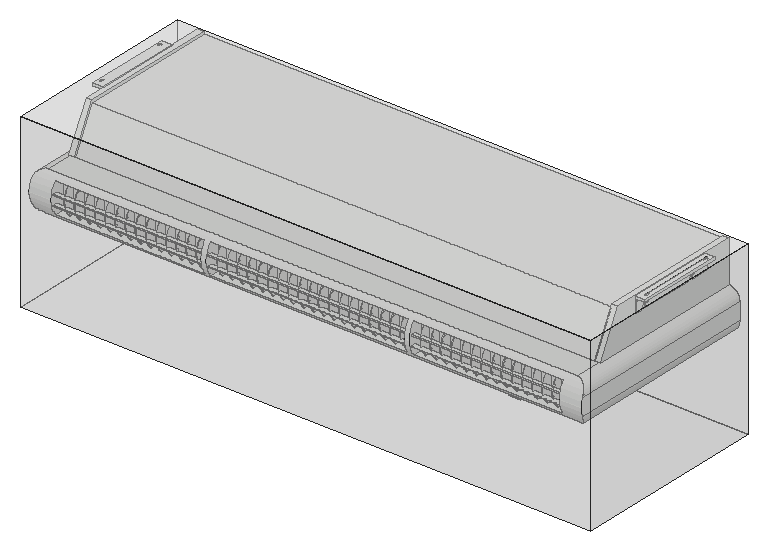
Revit family "outputfile", category 機械設備, Revit 2024
Family settings
  丸型コネクタ寸法 = 半径を使用
  パーツ タイプ = 標準
  OmniClass 番号 = 23.75.10.24.21.27.27
  OmniClass タイトル = Split System Air Conditioning Units
  作業面ベース = いいえ
  常に垂直 = はい
  ロード時にボイドで切り取り = いいえ
  注釈の向きを維持 = いいえ
  共有 = いいえ
  部屋計算ポイント = はい
Parameters (values of type "FHRN140AXL9")
  Description = ""
  製造元 = "Daikin"
  書き出し IFC クラス(タイプ) = "IfcUnitaryEquipmentType"
  定義済み IFC タイプ(タイプ) = "AIRCONDITIONINGUNIT"
  Cost = 0
  モデル = "FHRN140AXL9"
  Type Comments = ""
  Keynote = ""
  Type Image = (empty or 0)
  Assembly Code = ""
  switch_frequency = yes
  r_Liquid Pipe Size = Liquid Pipe Size / 2  # 4.75 mm
  r_Gas Pipe Size = Gas Pipe Size / 2  # 9.55 mm
  r_Drain Pipe Size = Drain Pipe Size / 2  # 9.55 mm
  l_powersupply [instance] = 30.0 mm  # constant formula
  h_mountinghole = 0.0 mm  # constant formula
  connector_voltage = 220 V
  connector_powerinput = [Power Input (Cooling)]  # 6.240 kW
  connector_phase = 1
  angle_vertical_powersupply [instance] = 90.00°  # constant formula
  angle_vertical_drainpipe [instance] = -90.00°  # constant formula
  angle_horizontal_powersupply [instance] = 180.00°  # constant formula
  angle_horizontal_drainpipe [instance] = 0.00°  # constant formula
  Voltage_comment_60Hz = "220"
  Voltage_60Hz = 220 V
  URL = ""
  Phase_60Hz = 1
  Minimum Circuit Amps_60Hz = 0.0 A
  Maximum Fuse Amps_60Hz = 0.0 A
  Material_Casing = DAIKIN_White_Casing_indoorunit
  lw_powersupply [instance] = 220.0 mm  # constant formula
  lw_mountinghole_pitch = 1880.0 mm  # constant formula
  lw_mountinghole = (Width - lw_mountinghole_pitch) / 2  # 11.5 mm
  lw_liquidpipe [instance] = 136.0 mm  # constant formula
  lw_gaspipe = 105.0 mm  # constant formula
  lw_drainpipe [instance] = 83.0 mm  # constant formula
  lh_powersupply = 195.0 mm  # constant formula
  lh_liquidpipe [instance] = 180.0 mm  # constant formula
  lh_gaspipe [instance] = 170.0 mm  # constant formula
  lh_drainpipe = 217.0 mm  # constant formula
  l_antena = h_mountinghole + 1.0 mm  # 1.0 mm
  ld_powersupply = 30.0 mm  # constant formula
  ld_mountinghole_pitch = 250.0 mm  # constant formula
  ld_mountinghole = 132.0 mm  # constant formula
  ld_liquidpipe [instance] = 221.0 mm  # constant formula
  ld_gaspipe [instance] = 214.0 mm  # constant formula
  ld_drainpipe [instance] = 268.0 mm  # constant formula
  l_liquidpipe_length [instance] = 221.0 mm  # constant formula
  l_gaspipe_length [instance] = 214.0 mm  # constant formula
  l_drainpipe_length [instance] = 268.0 mm  # constant formula
  h*** = 0.0 mm  # constant formula
  angle_vertical [instance] = -90.00°  # constant formula
  angle_horizontal [instance] = 0.00°  # constant formula
  Width = 1903.0 mm
  Version = "ver.1.0"
  Unit Type = "Ceiling"
  Unit Mass Weight = 70.00 kg
  Unit Designation [instance] = ""
  Uniclass2015Version = "Products v1.30"
  Uniclass2015Title = "Split coil room air conditioning units"
  Uniclass2015Code = "Pr_70_65_03_86"
  Total Cooling Capacity [instance] = 0.000 kW
  Sound Pressure Level_M speed (dBA) = 54
  Sound Pressure Level_L speed (dBA) = 51
  Sound Pressure Level_H speed (dBA) = 56
  Series = "SkyAir_Fan Coil Unit"
  Sensible Cooling Capacity [instance] = 0.000 kW
  Refrigerant Type = "R410A"
  Power Input (Cooling) = 6.240 kW
  Option Accessory 3 [instance] = ""
  Option Accessory 2 [instance] = ""
  Option Accessory 1 [instance] = ""
  Nominal Cooling Capacity = 16.410 kW
  Minimum Airflow = 1699.00 m³/h
  Median Airflow = 2345.00 m³/h
  Maximum Airflow = 2633.00 m³/h
  Load Classification = HVAC
  Liquid Pipe Size = 9.5 mm
  Link_Nested Family [instance] = ""
  IfcVersion = ""
  IfcExportType = "AIRCONDITIONINGUNIT"
  IfcExportAs = "IfcUnitaryEquipmentType"
  Height = 285.0 mm
  Heat Exchanger Type = "Cross Fin Coil"
  Gas Pipe Size = 19.1 mm
  Frequency_60Hz = 60 Hz
  Fan Type = "Sirocco Fan"
  Fan Drive = "-"
  FCU Tag No. [instance] = ""
  Drain Pipe Size = 19.1 mm
  Design Supply Airflow [instance] = 0.00 m³/h
  Design Outdoor Airflow [instance] = 0.00 m³/h
  Depth = 680.0 mm
  既定の高さ = 0.0 mm
  Cooling Entering Wet Bulb Temperature [instance] = 0.00 °C
  Cooling Entering Dry Bulb Temperature [instance] = 0.00 °C
  Cooling Ambient Wet Bulb Temperature [instance] = 0.00 °C
  Cooling Ambient Dry Bulb Temperature [instance] = 0.00 °C
  Clearance visibility [instance] = yes
  Clearance Top = 5.0 mm
  Clearance Right = 30.0 mm
  Clearance Rear = 0.0 mm
  Clearance Left = 30.0 mm
  Clearance Front = 0.0 mm
  Clearance Bottom = 300.0 mm
Reference planes
  plane 1 "Center (Front/Back)": y = 0
  plane 2: z = 0
  plane 3 "Center (Left/Right)": x = 0
  plane 4 "Back": y = 340
  plane 5 "Front": y = -340
  plane 6 "Left": x = -951.5
  plane 7 "Right": x = 951.5
  plane 8 "Top": z = 0
  plane 9 "Bottom": z = -285
  plane 10: y = -340
  plane 11: x = -981.5
  plane 12: x = 981.5
  plane 13: z = 5
  plane 14: z = -585
  plane 15: y = 340
  plane 16 "lw_mountinghole": x = -940
  plane 17 "lw_mountinghole2": x = 940
  plane 18 "ld_mountinghole": y = 208
  plane 19 "ld_mountinghole2": y = -42
  plane 20 "lw_gaspipe": x = 846.5
  plane 21 "ld_gaspipe": y = 126
  plane 22 "lh_gaspipe": z = -170
  plane 23 "lw_liquidpipe": x = 815.5
  plane 24 "ld_liquidpipe": y = 119
  plane 25 "lh_liquidpipe": z = -180
  plane 26 "ld_drainpipe": y = 72
  plane 27 "lw_drainpipe": x = 868.5
  plane 28 "lh_drainpipe": z = -217
  plane 29 "lw_powersupply": x = 731.5
  plane 30 "lh_powersupply": z = -195
  plane 31 "ld_powersupply": y = 310
  plane 32: x = -915
  plane 33: x = 915
  plane 34: x = -895
  plane 35: x = 895
  plane 36 "J": z = -145
Forms (mm)
  Extrusion 1, solid, material "DAIKIN_White_Casing_indoorunit" <- "Material_Casing"
    sketch origin (951.5, 0, 0) x (0, 1, 0) y (0, 0, 1)
      loop
        line (340, -145) -> (340, 0) -> (-138.5, 0) -> (-212.722, -145) -> (340, -145)
    from -56.5 to -36.5
  Extrusion 2, solid, material "DAIKIN_White_Casing_indoorunit" <- "Material_Casing"
    sketch origin (-951.5, 0, 0) x (0, 1, 0) y (0, 0, 1)
      loop
        line (-138.5, 0) -> (-212.722, -145) -> (340, -145) -> (340, 0) -> (-138.5, 0)
    from 36.5 to 56.5
  Extrusion 3, solid, material "DAIKIN_White_Casing_indoorunit" <- "Material_Casing"
    sketch origin (0, 0, 0) x (0, 1, 0) y (0, 0, 1)
      loop
        line (-141.472, -8) -> (-211.599, -145) -> (340, -145) -> (340, -8) -> (-141.472, -8)
    from -895 to 895
  Extrusion 4, solid, material "DAIKIN_White_Casing_indoorunit" <- "Material_Casing"
    sketch origin (0, 0, 0) x (1, 0, 0) y (0, 0, 1)
      loop
        arc (-911, -145) -> (-939.284, -156.716) -> (-951, -185) r 40
        line (-951, -185) -> (-951, -245)
        arc (-951, -245) -> (-939.284, -273.284) -> (-911, -285) r 40
        line (-911, -285) -> (911, -285)
        arc (911, -285) -> (939.284, -273.284) -> (951, -245) r 40
        line (951, -245) -> (951, -185)
        arc (951, -185) -> (939.284, -156.716) -> (911, -145) r 40
        line (911, -145) -> (-911, -145)
    from -340 to 340
  Extrusion 5, void
    sketch origin (0, 0, 0) x (0, 1, 0) y (0, 0, 1)
      loop
        line (-304.008, -145) -> (-350, -145) -> (-350, -285) -> (-304, -285)
        arc (-304, -285) -> (-340, -215.002) -> (-304.008, -145) r 86.061
    from -951.5 to 951.5
  Extrusion 6, void
    sketch origin (0, -340, 0) x (1, 0, 0) y (0, 0, 1)
      loop
        line (-875, -162.5) -> (-875, -267.5) -> (-359, -267.5) -> (-359, -162.5) -> (-875, -162.5)
      loop
        line (-341, -162.5) -> (-341, -267.5) -> (341, -267.5) -> (341, -162.5) -> (-341, -162.5)
      loop
        line (359, -162.5) -> (359, -267.5) -> (875, -267.5) -> (875, -162.5) -> (359, -162.5)
    from 0 to -50
  Extrusion 7, solid, material "DAIKIN_White_Casing_indoorunit" <- "Material_Casing"
    sketch origin (0, 0, 0) x (0, 1, 0) y (0, 0, 1)
      loop
        line (-335.938, -233.5) -> (-320, -233.5) -> (-320, -231.5) -> (-336.364, -231.5)
        arc (-336.364, -231.5) -> (-336.157, -232.501) -> (-335.938, -233.5) r 84.061
      loop
        arc (-335.94, -196.5) -> (-336.159, -197.499) -> (-336.365, -198.5) r 84.061
        line (-336.365, -198.5) -> (-320, -198.5) -> (-320, -196.5) -> (-335.94, -196.5)
    from -875 to 875
  Extrusion 8, solid, material "DAIKIN_White_Casing_indoorunit" <- "Material_Casing"
    sketch origin (875, -340, -162.5) x (0, 0, -1) y (0, -1, 0)
      loop
        arc (105, -38.174) -> (52.501, -15) -> (0, -38.168) r 71.061
        line (0, -38.168) -> (0, -50) -> (105, -50) -> (105, -38.174)
    from 34 to 36
  Extrusion 9, solid, material "DAIKIN_White_Casing_indoorunit" <- "Material_Casing"
    sketch origin (839, -340, -162.5) x (0, 0, -1) y (0, -1, 0)
      loop
        line (0, -38.168) -> (0, -50) -> (105, -50) -> (105, -38.174)
        arc (105, -38.174) -> (52.501, -15) -> (0, -38.168) r 71.061
    from 33 to 35
  Extrusion 10, solid, material "DAIKIN_White_Casing_indoorunit" <- "Material_Casing"
    sketch origin (804, -340, -162.5) x (0, 0, -1) y (0, -1, 0)
      loop
        line (0, -38.168) -> (0, -50) -> (105, -50) -> (105, -38.174)
        arc (105, -38.174) -> (52.501, -15) -> (0, -38.168) r 71.061
    from 33 to 35
  Extrusion 11, solid, material "DAIKIN_White_Casing_indoorunit" <- "Material_Casing"
    sketch origin (769, -340, -162.5) x (0, 0, -1) y (0, -1, 0)
      loop
        line (0, -38.168) -> (0, -50) -> (105, -50) -> (105, -38.174)
        arc (105, -38.174) -> (52.501, -15) -> (0, -38.168) r 71.061
    from 33 to 35
  Extrusion 12, solid, material "DAIKIN_White_Casing_indoorunit" <- "Material_Casing"
    sketch origin (734, -340, -162.5) x (0, 0, -1) y (0, -1, 0)
      loop
        line (0, -38.168) -> (0, -50) -> (105, -50) -> (105, -38.174)
        arc (105, -38.174) -> (52.501, -15) -> (0, -38.168) r 71.061
    from 33 to 35
  Extrusion 13, solid, material "DAIKIN_White_Casing_indoorunit" <- "Material_Casing"
    sketch origin (699, -340, -162.5) x (0, 0, -1) y (0, -1, 0)
      loop
        line (0, -38.168) -> (0, -50) -> (105, -50) -> (105, -38.174)
        arc (105, -38.174) -> (52.501, -15) -> (0, -38.168) r 71.061
    from 33 to 35
  Extrusion 14, solid, material "DAIKIN_White_Casing_indoorunit" <- "Material_Casing"
    sketch origin (664, -340, -162.5) x (0, 0, -1) y (0, -1, 0)
      loop
        line (0, -38.168) -> (0, -50) -> (105, -50) -> (105, -38.174)
        arc (105, -38.174) -> (52.501, -15) -> (0, -38.168) r 71.061
    from 33 to 35
  Extrusion 15, solid, material "DAIKIN_White_Casing_indoorunit" <- "Material_Casing"
    sketch origin (629, -340, -162.5) x (0, 0, -1) y (0, -1, 0)
      loop
        line (0, -38.168) -> (0, -50) -> (105, -50) -> (105, -38.174)
        arc (105, -38.174) -> (52.501, -15) -> (0, -38.168) r 71.061
    from 33 to 35
  Extrusion 16, solid, material "DAIKIN_White_Casing_indoorunit" <- "Material_Casing"
    sketch origin (594, -340, -162.5) x (0, 0, -1) y (0, -1, 0)
      loop
        line (0, -38.168) -> (0, -50) -> (105, -50) -> (105, -38.174)
        arc (105, -38.174) -> (52.501, -15) -> (0, -38.168) r 71.061
    from 33 to 35
  Extrusion 17, solid, material "DAIKIN_White_Casing_indoorunit" <- "Material_Casing"
    sketch origin (559, -340, -162.5) x (0, 0, -1) y (0, -1, 0)
      loop
        line (0, -38.168) -> (0, -50) -> (105, -50) -> (105, -38.174)
        arc (105, -38.174) -> (52.501, -15) -> (0, -38.168) r 71.061
    from 33 to 35
  Extrusion 18, solid, material "DAIKIN_White_Casing_indoorunit" <- "Material_Casing"
    sketch origin (524, -340, -162.5) x (0, 0, -1) y (0, -1, 0)
      loop
        line (0, -38.168) -> (0, -50) -> (105, -50) -> (105, -38.174)
        arc (105, -38.174) -> (52.501, -15) -> (0, -38.168) r 71.061
    from 33 to 35
  Extrusion 19, solid, material "DAIKIN_White_Casing_indoorunit" <- "Material_Casing"
    sketch origin (489, -340, -162.5) x (0, 0, -1) y (0, -1, 0)
      loop
        line (0, -38.168) -> (0, -50) -> (105, -50) -> (105, -38.174)
        arc (105, -38.174) -> (52.501, -15) -> (0, -38.168) r 71.061
    from 33 to 35
  Extrusion 20, solid, material "DAIKIN_White_Casing_indoorunit" <- "Material_Casing"
    sketch origin (454, -340, -162.5) x (0, 0, -1) y (0, -1, 0)
      loop
        line (0, -38.168) -> (0, -50) -> (105, -50) -> (105, -38.174)
        arc (105, -38.174) -> (52.501, -15) -> (0, -38.168) r 71.061
    from 33 to 35
  Extrusion 21, solid, material "DAIKIN_White_Casing_indoorunit" <- "Material_Casing"
    sketch origin (419, -340, -162.5) x (0, 0, -1) y (0, -1, 0)
      loop
        line (0, -38.168) -> (0, -50) -> (105, -50) -> (105, -38.174)
        arc (105, -38.174) -> (52.501, -15) -> (0, -38.168) r 71.061
    from 33 to 35
  Extrusion 22, solid, material "DAIKIN_White_Casing_indoorunit" <- "Material_Casing"
    sketch origin (384, -340, -162.5) x (0, 0, -1) y (0, -1, 0)
      loop
        line (0, -38.168) -> (0, -50) -> (105, -50) -> (105, -38.174)
        arc (105, -38.174) -> (52.501, -15) -> (0, -38.168) r 71.061
    from 33 to 35
  Extrusion 23, solid, material "DAIKIN_White_Casing_indoorunit" <- "Material_Casing"
    sketch origin (349, -340, -162.5) x (0, 0, -1) y (0, -1, 0)
      loop
        line (105, -50) -> (105, -38.174)
        arc (105, -38.174) -> (52.501, -15) -> (0, -38.168) r 71.061
        line (0, -38.168) -> (0, -50) -> (105, -50)
    from 33 to 35
  Extrusion 24, solid, material "DAIKIN_White_Casing_indoorunit" <- "Material_Casing"
    sketch origin (314, -340, -162.5) x (0, 0, -1) y (0, -1, 0)
      loop
        line (0, -38.168) -> (0, -50) -> (105, -50) -> (105, -38.174)
        arc (105, -38.174) -> (52.501, -15) -> (0, -38.168) r 71.061
    from 33 to 35
  Extrusion 25, solid, material "DAIKIN_White_Casing_indoorunit" <- "Material_Casing"
    sketch origin (279, -340, -162.5) x (0, 0, -1) y (0, -1, 0)
      loop
        line (0, -38.168) -> (0, -50) -> (105, -50) -> (105, -38.174)
        arc (105, -38.174) -> (52.501, -15) -> (0, -38.168) r 71.061
    from 33 to 35
  Extrusion 26, solid, material "DAIKIN_White_Casing_indoorunit" <- "Material_Casing"
    sketch origin (244, -340, -162.5) x (0, 0, -1) y (0, -1, 0)
      loop
        line (0, -38.168) -> (0, -50) -> (105, -50) -> (105, -38.174)
        arc (105, -38.174) -> (52.501, -15) -> (0, -38.168) r 71.061
    from 33 to 35
  Extrusion 27, solid, material "DAIKIN_White_Casing_indoorunit" <- "Material_Casing"
    sketch origin (209, -340, -162.5) x (0, 0, -1) y (0, -1, 0)
      loop
        line (0, -38.168) -> (0, -50) -> (105, -50) -> (105, -38.174)
        arc (105, -38.174) -> (52.501, -15) -> (0, -38.168) r 71.061
    from 33 to 35
  Extrusion 28, solid, material "DAIKIN_White_Casing_indoorunit" <- "Material_Casing"
    sketch origin (174, -340, -162.5) x (0, 0, -1) y (0, -1, 0)
      loop
        line (0, -38.168) -> (0, -50) -> (105, -50) -> (105, -38.174)
        arc (105, -38.174) -> (52.501, -15) -> (0, -38.168) r 71.061
    from 33 to 35
  Extrusion 29, solid, material "DAIKIN_White_Casing_indoorunit" <- "Material_Casing"
    sketch origin (139, -340, -162.5) x (0, 0, -1) y (0, -1, 0)
      loop
        line (105, -50) -> (105, -38.174)
        arc (105, -38.174) -> (52.501, -15) -> (0, -38.168) r 71.061
        line (0, -38.168) -> (0, -50) -> (105, -50)
    from 33 to 35
  Extrusion 30, solid, material "DAIKIN_White_Casing_indoorunit" <- "Material_Casing"
    sketch origin (104, -340, -162.5) x (0, 0, -1) y (0, -1, 0)
      loop
        line (0, -38.168) -> (0, -50) -> (105, -50) -> (105, -38.174)
        arc (105, -38.174) -> (52.501, -15) -> (0, -38.168) r 71.061
    from 33 to 35
  Extrusion 31, solid, material "DAIKIN_White_Casing_indoorunit" <- "Material_Casing"
    sketch origin (69, -340, -162.5) x (0, 0, -1) y (0, -1, 0)
      loop
        line (105, -50) -> (105, -38.174)
        arc (105, -38.174) -> (52.501, -15) -> (0, -38.168) r 71.061
        line (0, -38.168) -> (0, -50) -> (105, -50)
    from 33 to 35
  Extrusion 32, solid, material "DAIKIN_White_Casing_indoorunit" <- "Material_Casing"
    sketch origin (34, -340, -162.5) x (0, 0, -1) y (0, -1, 0)
      loop
        line (105, -50) -> (105, -38.174)
        arc (105, -38.174) -> (52.501, -15) -> (0, -38.168) r 71.061
        line (0, -38.168) -> (0, -50) -> (105, -50)
    from 33 to 35
  Extrusion 33, solid, material "DAIKIN_White_Casing_indoorunit" <- "Material_Casing"
    sketch origin (-1, -340, -162.5) x (0, 0, -1) y (0, -1, 0)
      loop
        line (105, -50) -> (105, -38.174)
        arc (105, -38.174) -> (52.501, -15) -> (0, -38.168) r 71.061
        line (0, -38.168) -> (0, -50) -> (105, -50)
    from 33 to 35
  Extrusion 34, solid, material "DAIKIN_White_Casing_indoorunit" <- "Material_Casing"
    sketch origin (-36, -340, -162.5) x (0, 0, -1) y (0, -1, 0)
      loop
        line (105, -50) -> (105, -38.174)
        arc (105, -38.174) -> (52.501, -15) -> (0, -38.168) r 71.061
        line (0, -38.168) -> (0, -50) -> (105, -50)
    from 33 to 35
  Extrusion 35, solid, material "DAIKIN_White_Casing_indoorunit" <- "Material_Casing"
    sketch origin (-71, -340, -162.5) x (0, 0, -1) y (0, -1, 0)
      loop
        line (0, -38.168) -> (0, -50) -> (105, -50) -> (105, -38.174)
        arc (105, -38.174) -> (52.501, -15) -> (0, -38.168) r 71.061
    from 33 to 35
  Extrusion 36, solid, material "DAIKIN_White_Casing_indoorunit" <- "Material_Casing"
    sketch origin (-106, -340, -162.5) x (0, 0, -1) y (0, -1, 0)
      loop
        line (105, -50) -> (105, -38.174)
        arc (105, -38.174) -> (52.501, -15) -> (0, -38.168) r 71.061
        line (0, -38.168) -> (0, -50) -> (105, -50)
    from 33 to 35
  Extrusion 37, solid, material "DAIKIN_White_Casing_indoorunit" <- "Material_Casing"
    sketch origin (-141, -340, -162.5) x (0, 0, -1) y (0, -1, 0)
      loop
        line (0, -38.168) -> (0, -50) -> (105, -50) -> (105, -38.174)
        arc (105, -38.174) -> (52.501, -15) -> (0, -38.168) r 71.061
    from 33 to 35
  Extrusion 38, solid, material "DAIKIN_White_Casing_indoorunit" <- "Material_Casing"
    sketch origin (-176, -340, -162.5) x (0, 0, -1) y (0, -1, 0)
      loop
        line (105, -50) -> (105, -38.174)
        arc (105, -38.174) -> (52.501, -15) -> (0, -38.168) r 71.061
        line (0, -38.168) -> (0, -50) -> (105, -50)
    from 33 to 35
  Extrusion 39, solid, material "DAIKIN_White_Casing_indoorunit" <- "Material_Casing"
    sketch origin (-211, -340, -162.5) x (0, 0, -1) y (0, -1, 0)
      loop
        line (105, -50) -> (105, -38.174)
        arc (105, -38.174) -> (52.501, -15) -> (0, -38.168) r 71.061
        line (0, -38.168) -> (0, -50) -> (105, -50)
    from 33 to 35
  Extrusion 40, solid, material "DAIKIN_White_Casing_indoorunit" <- "Material_Casing"
    sketch origin (-246, -340, -162.5) x (0, 0, -1) y (0, -1, 0)
      loop
        line (105, -50) -> (105, -38.174)
        arc (105, -38.174) -> (52.501, -15) -> (0, -38.168) r 71.061
        line (0, -38.168) -> (0, -50) -> (105, -50)
    from 33 to 35
  Extrusion 41, solid, material "DAIKIN_White_Casing_indoorunit" <- "Material_Casing"
    sketch origin (-419, -340, -267.5) x (0, 0, 1) y (0, -1, 0)
      loop
        arc (105, -38.168) -> (52.499, -15) -> (0, -38.174) r 71.061
        line (0, -38.174) -> (0, -50) -> (105, -50) -> (105, -38.168)
    from 33 to 35
  Extrusion 42, solid, material "DAIKIN_White_Casing_indoorunit" <- "Material_Casing"
    sketch origin (-454, -340, -267.5) x (0, 0, 1) y (0, -1, 0)
      loop
        line (0, -50) -> (105, -50) -> (105, -38.168)
        arc (105, -38.168) -> (52.499, -15) -> (0, -38.174) r 71.061
        line (0, -38.174) -> (0, -50)
    from 33 to 35
  Extrusion 43, solid, material "DAIKIN_White_Casing_indoorunit" <- "Material_Casing"
    sketch origin (-489, -340, -267.5) x (0, 0, 1) y (0, -1, 0)
      loop
        arc (105, -38.168) -> (52.499, -15) -> (0, -38.174) r 71.061
        line (0, -38.174) -> (0, -50) -> (105, -50) -> (105, -38.168)
    from 33 to 35
  Extrusion 44, solid, material "DAIKIN_White_Casing_indoorunit" <- "Material_Casing"
    sketch origin (-524, -340, -267.5) x (0, 0, 1) y (0, -1, 0)
      loop
        arc (105, -38.168) -> (52.499, -15) -> (0, -38.174) r 71.061
        line (0, -38.174) -> (0, -50) -> (105, -50) -> (105, -38.168)
    from 33 to 35
  Extrusion 45, solid, material "DAIKIN_White_Casing_indoorunit" <- "Material_Casing"
    sketch origin (-559, -340, -267.5) x (0, 0, 1) y (0, -1, 0)
      loop
        line (0, -50) -> (105, -50) -> (105, -38.168)
        arc (105, -38.168) -> (52.499, -15) -> (0, -38.174) r 71.061
        line (0, -38.174) -> (0, -50)
    from 33 to 35
  Extrusion 46, solid, material "DAIKIN_White_Casing_indoorunit" <- "Material_Casing"
    sketch origin (-594, -340, -267.5) x (0, 0, 1) y (0, -1, 0)
      loop
        line (0, -50) -> (105, -50) -> (105, -38.168)
        arc (105, -38.168) -> (52.499, -15) -> (0, -38.174) r 71.061
        line (0, -38.174) -> (0, -50)
    from 33 to 35
  Extrusion 47, solid, material "DAIKIN_White_Casing_indoorunit" <- "Material_Casing"
    sketch origin (-629, -340, -267.5) x (0, 0, 1) y (0, -1, 0)
      loop
        arc (105, -38.168) -> (52.499, -15) -> (0, -38.174) r 71.061
        line (0, -38.174) -> (0, -50) -> (105, -50) -> (105, -38.168)
    from 33 to 35
  Extrusion 48, solid, material "DAIKIN_White_Casing_indoorunit" <- "Material_Casing"
    sketch origin (-664, -340, -267.5) x (0, 0, 1) y (0, -1, 0)
      loop
        arc (105, -38.168) -> (52.499, -15) -> (0, -38.174) r 71.061
        line (0, -38.174) -> (0, -50) -> (105, -50) -> (105, -38.168)
    from 33 to 35
  Extrusion 49, solid, material "DAIKIN_White_Casing_indoorunit" <- "Material_Casing"
    sketch origin (-699, -340, -267.5) x (0, 0, 1) y (0, -1, 0)
      loop
        arc (105, -38.168) -> (52.499, -15) -> (0, -38.174) r 71.061
        line (0, -38.174) -> (0, -50) -> (105, -50) -> (105, -38.168)
    from 33 to 35
  Extrusion 50, solid, material "DAIKIN_White_Casing_indoorunit" <- "Material_Casing"
    sketch origin (-734, -340, -267.5) x (0, 0, 1) y (0, -1, 0)
      loop
        arc (105, -38.168) -> (52.499, -15) -> (0, -38.174) r 71.061
        line (0, -38.174) -> (0, -50) -> (105, -50) -> (105, -38.168)
    from 33 to 35
  Extrusion 51, solid, material "DAIKIN_White_Casing_indoorunit" <- "Material_Casing"
    sketch origin (-769, -340, -267.5) x (0, 0, 1) y (0, -1, 0)
      loop
        arc (105, -38.168) -> (52.499, -15) -> (0, -38.174) r 71.061
        line (0, -38.174) -> (0, -50) -> (105, -50) -> (105, -38.168)
    from 33 to 35
  Extrusion 52, solid, material "DAIKIN_White_Casing_indoorunit" <- "Material_Casing"
    sketch origin (-804, -340, -267.5) x (0, 0, 1) y (0, -1, 0)
      loop
        arc (105, -38.168) -> (52.499, -15) -> (0, -38.174) r 71.061
        line (0, -38.174) -> (0, -50) -> (105, -50) -> (105, -38.168)
    from 33 to 35
  Extrusion 53, solid, material "DAIKIN_White_Casing_indoorunit" <- "Material_Casing"
    sketch origin (-839, -340, -267.5) x (0, 0, 1) y (0, -1, 0)
      loop
        arc (105, -38.168) -> (52.499, -15) -> (0, -38.174) r 71.061
        line (0, -38.174) -> (0, -50) -> (105, -50) -> (105, -38.168)
    from 33 to 35
  Extrusion 54, solid, material "DAIKIN_White_Casing_indoorunit" <- "Material_Casing"
    sketch origin (-875, -340, -267.5) x (0, 0, 1) y (0, -1, 0)
      loop
        arc (105, -38.168) -> (52.499, -15) -> (0, -38.174) r 71.061
        line (0, -38.174) -> (0, -50) -> (105, -50) -> (105, -38.168)
    from 34 to 36
  Extrusion 55, solid, material "DAIKIN_White_Casing_indoorunit" <- "Material_Casing"
    sketch origin (-281, -340, -162.5) x (0, 0, -1) y (0, -1, 0)
      loop
        line (0, -38.168) -> (0, -50) -> (105, -50) -> (105, -38.174)
        arc (105, -38.174) -> (52.501, -15) -> (0, -38.168) r 71.061
    from 33 to 35
  Extrusion 56, void
    sketch origin (0, 0, -285) x (-1, 0, 0) y (0, -1, 0)
      loop
        line (915, -317.5) -> (915, -48) -> (355, -48) -> (355, -317.5) -> (915, -317.5)
      loop
        line (345, -317.5) -> (345, -48) -> (-345, -48) -> (-345, -317.5) -> (345, -317.5)
      loop
        line (-355, -317.5) -> (-355, -48) -> (-915, -48) -> (-915, -317.5) -> (-355, -317.5)
    from 0 to 17.5
  Extrusion 57, solid, material "DAIKIN_White_Grille_indoorunit"
    sketch origin (0, 0, -285) x (-1, 0, 0) y (0, -1, 0)
      loop
        line (915, -48) -> (355, -48) -> (355, -317.5) -> (915, -317.5) -> (915, -48)
      loop
        line (345, -48) -> (-345, -48) -> (-345, -317.5) -> (345, -317.5) -> (345, -48)
      loop
        line (-355, -48) -> (-915, -48) -> (-915, -317.5) -> (-355, -317.5) -> (-355, -48)
    from 0 to 17.5
Cuts and joins
  Extrusion 5, Extrusion 6, Extrusion 56 cuts Extrusion 4
Lines and regions (mm)
  reference lines
    curve 1: line (951.5, -327.223, -265.514) -> (951.5, -304, -285)
Dimensions and locks
  equal spacing: plane 6 "Left", plane 3 "Center (Left/Right)", plane 7 "Right"
  "Width": plane 6 "Left" to plane 7 "Right"
  "Height": plane 8 "Top" to plane 9 "Bottom"
  "Clearance Front": plane 10 to plane 5 "Front"
  "Clearance Left": plane 11 to plane 6 "Left"
  "Clearance Right": plane 7 "Right" to plane 12
  "Clearance Top": plane 13 to plane 8 "Top"
  "Clearance Bottom": plane 9 "Bottom" to plane 14
  "Clearance Rear": plane 4 "Back" to plane 15
  "ld_mountinghole": plane 18 "ld_mountinghole" to plane 4 "Back"
  "ld_mountinghole_pitch": plane 18 "ld_mountinghole" to plane 19 "ld_mountinghole2"
  "lw_mountinghole_pitch": plane 16 "lw_mountinghole" to plane 17 "lw_mountinghole2"
  "lw_mountinghole": plane 6 "Left" to plane 16 "lw_mountinghole"
  "lw_gaspipe": plane 20 "lw_gaspipe" to plane 7 "Right"
  "ld_gaspipe": plane 4 "Back" to plane 21 "ld_gaspipe"
  "lw_liquidpipe": plane 23 "lw_liquidpipe" to plane 7 "Right"
  "ld_liquidpipe": plane 4 "Back" to plane 24 "ld_liquidpipe"
  "lw_drainpipe": plane 27 "lw_drainpipe" to plane 7 "Right"
  "ld_drainpipe": plane 26 "ld_drainpipe" to plane 4 "Back"
  "lw_powersupply": plane 29 "lw_powersupply" to plane 7 "Right"
  "lh_gaspipe": plane 8 "Top" to plane 22 "lh_gaspipe"
  "lh_liquidpipe": plane 8 "Top" to plane 25 "lh_liquidpipe"
  "lh_powersupply": plane 8 "Top" to plane 30 "lh_powersupply"
  "lh_drainpipe": plane 8 "Top" to plane 28 "lh_drainpipe"
  "ld_powersupply": plane 4 "Back" to plane 31 "ld_powersupply"
  equal spacing: plane 4 "Back", plane 1 "Center (Front/Back)", plane 5 "Front"
  "Depth": plane 4 "Back" to plane 5 "Front"
  locked: Extrusion 1 sketch curve to Extrusion 1 sketch curve at 145
  locked: Extrusion 1 sketch curve to Extrusion 1 sketch curve at 478.5
  locked: Extrusion 1 sketch curve to Extrusion 1 sketch curve at 552.722
  locked: plane 6 "Left" to plane 32 at 36.5
  locked: plane 33 to plane 7 "Right" at 36.5
  locked: plane 32 to plane 34 at 20
  locked: plane 35 to plane 33 at 20
  locked: plane 8 "Top" to Extrusion 3 sketch curve at 8
  locked: plane 8 "Top" to Extrusion 3 sketch curve at 145
  locked: Extrusion 4 sketch curve to plane 6 "Left" at 0.5
  locked: plane 7 "Right" to Extrusion 4 sketch curve at 0.5
  locked: plane 36 "J" to plane 9 "Bottom" at 140
  locked: plane 5 "Front" to Extrusion 5 sketch curve at 86.061
  locked: Extrusion 5 sketch curve to plane 9 "Bottom" at 70.003
  locked: Extrusion 5 sketch curve to plane 5 "Front" at 10
  locked: Extrusion 6 sketch curve to plane 6 "Left" at 76.5
  locked: plane 7 "Right" to Extrusion 6 sketch curve at 76.5
  locked: Extrusion 6 sketch curve to Extrusion 6 sketch curve at 516  (x2)
  Extrusion 6 sketch curve to plane 3 "Center (Left/Right)" to Extrusion 6 sketch curve = 341.0 mm locked, 341.0 mm locked
  locked: Extrusion 6 sketch curve to plane 9 "Bottom" at 17.5
  locked: plane 36 "J" to Extrusion 6 sketch curve at 17.5
  locked: plane 5 "Front" to Extrusion 7 sketch curve at 86.061
  locked: Extrusion 7 sketch curve to plane 9 "Bottom" at 70.003
  Extrusion 7 sketch curve to Extrusion 7 sketch curve to plane 9 "Bottom" = 35.0 mm locked, 51.5 mm locked
  locked: Extrusion 7 sketch curve to Extrusion 7 sketch curve at 2  (x2)
  locked: plane 5 "Front" to Extrusion 7 sketch curve at 20
  locked: plane 5 "Front" to Extrusion 8 sketch curve at 50
  locked: plane 5 "Front" to Extrusion 8 sketch curve at 86.061
  locked: Extrusion 8 sketch curve to plane 9 "Bottom" at 70.003
  locked: Extrusion 5 sketch curve to plane 4 "Back" at 644
  locked: Extrusion 5 sketch curve to plane 4 "Back" at 644.008
  locked: plane 4 "Back" to Extrusion 56 sketch curve at 292
  locked: plane 4 "Back" to Extrusion 56 sketch curve at 22.5
  locked: Extrusion 56 sketch curve to Extrusion 56 sketch curve at 560  (x2)
  Extrusion 56 sketch curve to Extrusion 56 sketch curve = 690.0 mm
  locked: Extrusion 56 sketch curve to Extrusion 56 sketch curve at 10  (x2)
  locked: curve 1 to plane 4 "Back" at 644
  locked: curve 1 to plane 9 "Bottom" (angle 40.00°)
  aligned and locked: level to plane 2
  aligned and locked: plane 11 to nested 1
  aligned and locked: plane 12 to nested 1
  aligned and locked: nested 1 to plane 10
  aligned and locked: plane 13 to nested 1
  aligned and locked: plane 14 to nested 1
  aligned and locked: plane 15 to nested 1
  aligned and locked: nested 2 to plane 26 "ld_drainpipe"
  aligned and locked: plane 27 "lw_drainpipe" to nested 2
  aligned and locked: plane 20 "lw_gaspipe" to nested 3
  aligned and locked: nested 3 to plane 21 "ld_gaspipe"
  aligned and locked: plane 23 "lw_liquidpipe" to nested 4
  aligned and locked: nested 4 to plane 24 "ld_liquidpipe"
  aligned and locked: plane 25 "lh_liquidpipe" to nested 4
  aligned and locked: nested 5 to plane 31 "ld_powersupply"
  aligned and locked: plane 29 "lw_powersupply" to nested 5
  aligned and locked: nested 6 to curve 1
  aligned and locked: level to plane 8 "Top"
  aligned and locked: plane 3 "Center (Left/Right)" to nested 7
  aligned and locked: plane 8 "Top" to nested 7
  aligned and locked: nested 8 to plane 18 "ld_mountinghole"
  aligned and locked: plane 16 "lw_mountinghole" to nested 8
  aligned and locked: plane 16 "lw_mountinghole" to nested 9
  aligned and locked: nested 9 to plane 19 "ld_mountinghole2"
  aligned and locked: nested 10 to plane 18 "ld_mountinghole"
  aligned and locked: nested 11 to plane 19 "ld_mountinghole2"
  aligned and locked: plane 17 "lw_mountinghole2" to nested 11
  aligned and locked: plane 17 "lw_mountinghole2" to nested 10
  aligned and locked: plane 1 "Center (Front/Back)" to nested 7
  aligned and locked: plane 4 "Back" to Extrusion 1 sketch curve
  aligned and locked: plane 8 "Top" to Extrusion 1 sketch curve
  aligned and locked: plane 33 to Extrusion 1
  aligned and locked: Extrusion 1 to plane 35
  aligned and locked: Extrusion 2 sketch curve to Extrusion 1  (x4)
  aligned and locked: plane 34 to Extrusion 2
  aligned and locked: Extrusion 2 to plane 32
  aligned and locked: plane 4 "Back" to Extrusion 3 sketch curve
  aligned and locked: Extrusion 3 to plane 34
  aligned and locked: plane 35 to Extrusion 3
  aligned and locked: plane 9 "Bottom" to Extrusion 4 sketch curve
  aligned and locked: plane 5 "Front" to Extrusion 4
  aligned and locked: plane 4 "Back" to Extrusion 4
  aligned and locked: Extrusion 4 sketch curve to plane 36 "J"
  aligned and locked: Extrusion 5 sketch curve to plane 36 "J"
  aligned and locked: Extrusion 5 sketch curve to plane 9 "Bottom"
  aligned and locked: Extrusion 5 to plane 6 "Left"
  aligned and locked: plane 7 "Right" to Extrusion 5
  aligned and locked: Extrusion 6 sketch curve to Extrusion 6 sketch curve  (x4)
  aligned and locked: Extrusion 6 to plane 5 "Front"
  aligned and locked: Extrusion 7 sketch curve to Extrusion 7 sketch curve
  aligned and locked: cut or joined group of Extrusion 4, Extrusion 5, Extrusion 6, Extrusion 56 to Extrusion 7  (x2)
  aligned and locked: cut or joined group of Extrusion 4, Extrusion 5, Extrusion 6, Extrusion 56 to Extrusion 8 sketch curve  (x2)
  aligned and locked: Extrusion 9 sketch curve to Extrusion 8  (x4)
  aligned and locked: Extrusion 10 sketch curve to Extrusion 8  (x4)
  aligned and locked: Extrusion 11 sketch curve to Extrusion 8  (x4)
  aligned and locked: Extrusion 12 sketch curve to Extrusion 8  (x4)
  aligned and locked: Extrusion 13 sketch curve to Extrusion 8  (x4)
  aligned and locked: Extrusion 14 sketch curve to Extrusion 8  (x4)
  aligned and locked: Extrusion 15 sketch curve to Extrusion 8  (x4)
  aligned and locked: Extrusion 16 sketch curve to Extrusion 8  (x4)
  aligned and locked: Extrusion 17 sketch curve to Extrusion 8  (x4)
  aligned and locked: Extrusion 18 sketch curve to Extrusion 8  (x4)
  aligned and locked: Extrusion 19 sketch curve to Extrusion 8  (x4)
  aligned and locked: Extrusion 20 sketch curve to Extrusion 8  (x4)
  aligned and locked: Extrusion 21 sketch curve to Extrusion 8  (x4)
  aligned and locked: Extrusion 22 sketch curve to Extrusion 8  (x4)
  aligned and locked: Extrusion 23 sketch curve to Extrusion 8  (x4)
  aligned and locked: Extrusion 24 sketch curve to Extrusion 8  (x4)
  aligned and locked: Extrusion 25 sketch curve to Extrusion 8  (x4)
  aligned and locked: Extrusion 26 sketch curve to Extrusion 8  (x4)
  aligned and locked: Extrusion 27 sketch curve to Extrusion 8  (x4)
  aligned and locked: Extrusion 28 sketch curve to Extrusion 8  (x4)
  aligned and locked: Extrusion 29 sketch curve to Extrusion 8  (x4)
  aligned and locked: Extrusion 30 sketch curve to Extrusion 8  (x4)
  aligned and locked: Extrusion 31 sketch curve to Extrusion 8  (x4)
  aligned and locked: Extrusion 32 sketch curve to Extrusion 8  (x4)
  aligned and locked: Extrusion 33 sketch curve to Extrusion 8  (x4)
  aligned and locked: Extrusion 34 sketch curve to Extrusion 8  (x4)
  aligned and locked: Extrusion 35 sketch curve to Extrusion 8  (x4)
  aligned and locked: Extrusion 36 sketch curve to Extrusion 8  (x4)
  aligned and locked: Extrusion 37 sketch curve to Extrusion 8  (x4)
  aligned and locked: Extrusion 38 sketch curve to Extrusion 8  (x4)
  aligned and locked: Extrusion 39 sketch curve to Extrusion 8  (x4)
  aligned and locked: Extrusion 40 sketch curve to Extrusion 8  (x4)
  aligned and locked: Extrusion 41 sketch curve to Extrusion 8  (x4)
  aligned and locked: Extrusion 42 sketch curve to Extrusion 8  (x4)
  aligned and locked: Extrusion 43 sketch curve to Extrusion 8  (x4)
  aligned and locked: Extrusion 44 sketch curve to Extrusion 8  (x4)
  aligned and locked: Extrusion 45 sketch curve to Extrusion 8  (x4)
  aligned and locked: Extrusion 46 sketch curve to Extrusion 8  (x4)
  aligned and locked: Extrusion 47 sketch curve to Extrusion 8  (x4)
  aligned and locked: Extrusion 48 sketch curve to Extrusion 8  (x4)
  aligned and locked: Extrusion 49 sketch curve to Extrusion 8  (x4)
  aligned and locked: Extrusion 50 sketch curve to Extrusion 8  (x4)
  aligned and locked: Extrusion 51 sketch curve to Extrusion 8  (x4)
  aligned and locked: Extrusion 52 sketch curve to Extrusion 8  (x4)
  aligned and locked: Extrusion 53 sketch curve to Extrusion 8  (x4)
  aligned and locked: Extrusion 54 sketch curve to Extrusion 8  (x4)
  aligned and locked: Extrusion 55 sketch curve to Extrusion 8  (x4)
  aligned and locked: Extrusion 56 sketch curve to Extrusion 56 sketch curve  (x4)
  aligned and locked: Extrusion 56 sketch curve to plane 33
  aligned and locked: Extrusion 57 sketch curve to Extrusion 56  (x12)
  aligned and locked: plane 9 "Bottom" to curve 1
Automatic sketch dimensions
  Extrusion 3 sketch curve to plane 19 "ld_mountinghole2" = 99.472 mm
  Extrusion 3 sketch curve to plane 5 "Front" = 128.401 mm
  plane 32 to Extrusion 4 sketch curve = 4.0 mm  (x2)
  Extrusion 4 sketch curve to plane 33 = 4.0 mm  (x2)
  Extrusion 7 sketch curve to Extrusion 7 sketch curve = 0.0 mm  (x2)
  Extrusion 7 sketch curve to plane 5 "Front" = 4.062 mm
  Extrusion 7 sketch curve to plane 5 "Front" = 4.06 mm
  Extrusion 8 sketch curve to Extrusion 8 sketch curve = 11.826 mm
Nested families
  nested 1: "daikin_clearancespace" at (0, 0, -289.881), visible <- "Clearance visibility", show <- "Clearance visibility", Link_Nested Family <- "Link_Nested Family", type "daikin_clearancespace"
    with width 1963.0 mm, show yes, height 590.0 mm, depth 680.0 mm, Link_Nested Family ""
  nested 2: "daikin_connector_rotate3" at (868.5, 72, -217), radius <- "r_Drain Pipe Size", angle_vertical <- "angle_vertical_drainpipe", angle_horizontal <- "angle_horizontal_drainpipe", length <- "l_drainpipe_length", type "daikin_connector_rotate3"
    with show no, radius 9.55 mm, length 268.0 mm, angle_vertical -90.00°, angle_horizontal 0.00°
  nested 3: "daikin_connector_rotate3" at (846.5, 126, -170), radius <- "r_Gas Pipe Size", angle_vertical <- "angle_vertical", angle_horizontal <- "angle_horizontal", length <- "l_gaspipe_length", type "daikin_connector_rotate3"
    with show no, radius 9.55 mm, length 214.0 mm, angle_vertical -90.00°, angle_horizontal 0.00°
  nested 4: "daikin_connector_rotate3" at (815.5, 119, -180), radius <- "r_Liquid Pipe Size", angle_vertical <- "angle_vertical", angle_horizontal <- "angle_horizontal", length <- "l_liquidpipe_length", type "daikin_connector_rotate3"
    with show no, radius 4.75 mm, length 221.0 mm, angle_vertical -90.00°, angle_horizontal 0.00°
  nested 5: "daikin_connector_rotate3" at (731.5, 310, -195), length <- "l_powersupply", angle_vertical <- "angle_vertical_powersupply", angle_horizontal <- "angle_horizontal_powersupply", type "daikin_connector_rotate3"
    with show no, radius 10.0 mm, length 30.0 mm, angle_vertical 90.00°, angle_horizontal 180.00°
  nested 6: "daikin_logo_plane_w40" at (698.213, -311.025, -279.105) x (1, 0, 0) z (0, -0.6428, -0.766), type "daikin_logo_plane_w40"
    with show_logo yes
  nested 7: "daikin_hangerfixture_FHRN-AXL9" at (0, 0, 0), type "daikin_hangerfixture_FHRN-AXL9"
  nested 8: "daikin_mountinghole" at (-940, 208, 0), Link_Nested Family <- "Link_Nested Family", l_antenna <- "l_antena", h_mountinghole <- "h_mountinghole", type "daikin_mountinghole"
    with show yes, l_antenna 1.0 mm, h_mountinghole 0.0 mm, Link_Nested Family ""
  nested 9: "daikin_mountinghole" at (-940, -42, 0), Link_Nested Family <- "Link_Nested Family", l_antenna <- "l_antena", h_mountinghole <- "h_mountinghole", type "daikin_mountinghole"
    with show yes, l_antenna 1.0 mm, h_mountinghole 0.0 mm, Link_Nested Family ""
  nested 10: "daikin_mountinghole" at (940, 208, 0), Link_Nested Family <- "Link_Nested Family", l_antenna <- "l_antena", h_mountinghole <- "h_mountinghole", type "daikin_mountinghole"
    with show yes, l_antenna 1.0 mm, h_mountinghole 0.0 mm, Link_Nested Family ""
  nested 11: "daikin_mountinghole" at (940, -42, 0), Link_Nested Family <- "Link_Nested Family", l_antenna <- "l_antena", h_mountinghole <- "h_mountinghole", type "daikin_mountinghole"
    with show yes, l_antenna 1.0 mm, h_mountinghole 0.0 mm, Link_Nested Family ""
Connectors
  piping at (868.5, 340, -217), diameter 19.1, driven by "r_Drain Pipe Size"
    settings: on nested 2, index 1, connector inside diameter 609.6 mm, connector length 0.0 mm, flow factor 0, pipe flow 0.00 m³/h, pressure drop 0.0 Pa, fitting loss kfactor 0, connector angle 0.00°, fixture units 0, engagement length 0.0 mm, angle of deflection 0.00°, flow configuration 1, flow direction 2, fitting loss method 4, system type 16, joint type 0, gender type 0, connector reference index -1, connector utility 0, adjustable connector no, is connector primary yes, connector description "Condensate Drain Piping"
  piping at (846.5, 340, -170), diameter 19.1, driven by "r_Gas Pipe Size"
    settings: on nested 3, index 3, connector inside diameter 609.6 mm, connector length 0.0 mm, flow factor 0, pipe flow 0.00 m³/h, pressure drop 0.0 Pa, fitting loss kfactor 0, connector angle 0.00°, fixture units 0, engagement length 0.0 mm, angle of deflection 0.00°, flow configuration 1, flow direction 2, fitting loss method 0, system type 29, joint type 0, gender type 0, connector reference index -1, connector utility 0, adjustable connector no, is connector primary no, connector description "Refrigerant Gas Piping"
  piping at (815.5, 340, -180), diameter 9.5, driven by "r_Liquid Pipe Size"
    settings: on nested 4, index 4, connector inside diameter 609.6 mm, connector length 0.0 mm, flow factor 0, pipe flow 0.00 m³/h, pressure drop 0.0 Pa, fitting loss kfactor 0, connector angle 0.00°, fixture units 0, engagement length 0.0 mm, angle of deflection 0.00°, flow configuration 1, flow direction 1, fitting loss method 0, system type 29, joint type 0, gender type 0, connector reference index -1, connector utility 0, adjustable connector no, is connector primary no, connector description "Refrigerant Liquid Piping"
  electrical at (731.5, 340, -195), driven by "Load Classification", driven by "connector_powerinput", driven by "connector_voltage", driven by "connector_phase"
    settings: on nested 5, index 6, voltage 220 V, apparent load 6240 VA, apparent load phase1 0 VA, apparent load phase2 0 VA, apparent load phase3 0 VA, power factor 1, load classification "HVAC", number of poles 1, system type 30, power factor state 1, is connector primary yes, connector utility no, sub classification motor no, connector description "Power Supply"
Definition of nested family "daikin_clearancespace"
  Parameters (values of type "daikin_clearancespace")
    Description = "daikin_clearancespace"
    width [instance] = 1823.963 mm
    show [instance] = yes
    material = none
    height [instance] = 1359.762 mm
    depth [instance] = 880.0 mm
    Default Elevation = 0.0 mm
    Link_Nested Family [instance] = ""
  Reference planes
    plane 1 "Center (Front/Back)": y = 0
    plane 2 "Center (Elevation)": z = -0.119
    plane 3 "Center (Left/Right)": x = 0
    plane 4: y = 440
    plane 5: y = -440
    plane 6 "Right": x = 911.982
    plane 7 "Left": x = -911.982
    plane 8 "Top": z = 679.762
    plane 9 "Bottom": z = -680
  Forms (mm)
    Extrusion 1, solid, material <- "material", visible <- "show"
      sketch origin (0, 0, 0) x (1, 0, 0) y (0, 1, 0)
        loop
          line (-911.982, 440) -> (-911.982, -440) -> (911.982, -440) -> (911.982, 440) -> (-911.982, 440)
      from -680 to 679.762
  Lines and regions (mm)
    symbolic lines, visible <- "show"
      curve 1: line (911.982, 440, 0) -> (-911.982, 440, 0)
      curve 2: line (-911.982, 440, 0) -> (-911.982, -440, 0)
      curve 3: line (-911.982, -440, 0) -> (911.982, -440, 0)
      curve 4: line (911.982, -440, 0) -> (911.982, 440, 0)
      curve 5: line (911.982, 0, 679.762) -> (-911.982, 0, 679.762)
      curve 6: line (911.982, 0, -680) -> (911.982, 0, 679.762)
      curve 7: line (-911.982, 0, -680) -> (911.982, 0, -680)
      curve 8: line (-911.982, 0, 679.762) -> (-911.982, 0, -680)
      curve 9: line (0, 440, 679.762) -> (0, -440, 679.762)
      curve 10: line (0, -440, 679.762) -> (0, -440, -680)
      curve 11: line (0, 440, -680) -> (0, 440, 679.762)
      curve 12: line (0, -440, -680) -> (0, 440, -680)
  Dimensions and locks
    "width": plane 7 "Left" to plane 6 "Right"
    "depth": plane 4 to plane 5
    "height": plane 8 "Top" to plane 9 "Bottom"
    equal spacing: plane 7 "Left", plane 3 "Center (Left/Right)", plane 6 "Right"
    equal spacing: plane 4, plane 1 "Center (Front/Back)", plane 5
    equal spacing: plane 8 "Top", plane 2 "Center (Elevation)", plane 9 "Bottom"
    aligned and locked: level to plane 2 "Center (Elevation)"
    aligned and locked: Extrusion 1 sketch curve to plane 4
    aligned and locked: plane 7 "Left" to Extrusion 1 sketch curve
    aligned and locked: Extrusion 1 sketch curve to plane 5
    aligned and locked: Extrusion 1 sketch curve to plane 6 "Right"
    aligned and locked: plane 8 "Top" to Extrusion 1
    aligned and locked: curve 1 to Extrusion 1
    aligned and locked: curve 2 to Extrusion 1
    aligned and locked: curve 3 to Extrusion 1
    aligned and locked: curve 4 to Extrusion 1
    aligned and locked: curve 5 to Extrusion 1
    aligned and locked: curve 6 to Extrusion 1
    aligned and locked: curve 7 to Extrusion 1
    aligned and locked: curve 8 to Extrusion 1
    aligned and locked: curve 9 to Extrusion 1
    aligned and locked: curve 10 to Extrusion 1
    aligned and locked: curve 11 to Extrusion 1
    aligned and locked: curve 12 to Extrusion 1
    aligned and locked: Extrusion 1 to plane 9 "Bottom"
Definition of nested family "daikin_logo_plane_w40"
  Parameters (values of type "daikin_logo_plane_w40")
    width = 40.0 mm
    show_logo [instance] = yes
    material = none
    height = 0.0 mm
    depth = 0.0 mm
    Default Elevation = 1219.2 mm
  Reference planes
    plane 1 "Center (Front/Back)": y = 0
    plane 2: z = 0
    plane 3 "Center (Left/Right)": x = 0
    plane 4: z = 2
    plane 5 "left": x = -19
    plane 6: x = 19
  Forms (mm)
    Extrusion 1, solid, visible <- "show_logo"
      sketch origin (-19, 0, 0) x (1, 0, 0) y (0, 1, 0)
        loop
          line (8.902, -1.878) -> (7.789, -6.332) -> (11.13, -6.332)
          arc (11.13, -6.332) -> (12.454, -6.064) -> (13.472, -5.176) r 2.642
          arc (13.472, -5.176) -> (13.92, -4.02) -> (13.767, -2.79) r 2.537
          arc (13.767, -2.79) -> (13.452, -2.342) -> (12.982, -2.06) r 1.321
          arc (12.982, -2.06) -> (12.063, -1.902) -> (11.13, -1.878) r 6.479
          line (11.13, -1.878) -> (8.902, -1.878)
        loop
          line (10.016, -5.441) -> (10.907, -5.441)
          arc (10.907, -5.441) -> (11.591, -4.983) -> (11.988, -4.261) r 1.742
          spline (11.988, -4.261) -> (12.01, -4.155) -> (12.027, -4.03) -> (12.037, -3.893) -> (12.037, -3.747) -> (12.026, -3.598) -> (12.002, -3.451) -> (11.962, -3.31) -> (11.905, -3.181) -> (11.829, -3.069) -> (11.731, -2.978) -> (11.61, -2.913) -> (11.464, -2.88)
          line (11.464, -2.88) -> (10.573, -2.88) -> (10.016, -5.441)
        loop
          line (13.58, -6.332) -> (14.805, -6.332) -> (15.223, -5.553) -> (16.977, -5.553) -> (17.144, -6.332) -> (19.149, -6.332) -> (18.258, -1.878) -> (16.03, -1.878) -> (13.58, -6.332)
        loop
          line (16.476, -3.214) -> (15.76, -4.551) -> (16.762, -4.551) -> (16.476, -3.214)
        loop
          line (19.705, -6.332) -> (21.599, -6.332) -> (22.712, -1.878) -> (20.819, -1.878) -> (19.705, -6.332)
        loop
          line (22.712, -6.332) -> (24.606, -6.332) -> (24.908, -5.122) -> (25.831, -6.332) -> (28.17, -6.332) -> (26.388, -3.994) -> (28.949, -1.878) -> (26.945, -1.878) -> (25.401, -3.153) -> (25.719, -1.878) -> (23.826, -1.878) -> (22.712, -6.332)
        loop
          line (29.84, -1.878) -> (28.615, -6.332) -> (30.62, -6.332) -> (31.734, -1.878) -> (29.84, -1.878)
        loop
          line (31.734, -6.332) -> (33.07, -6.332) -> (33.7, -3.814) -> (34.518, -6.332) -> (36.745, -6.332) -> (37.859, -1.878) -> (36.523, -1.878) -> (35.845, -4.589) -> (34.963, -1.878) -> (32.847, -1.878) -> (31.734, -6.332)
      from 0 to 2
    Extrusion 2, solid, visible <- "show_logo"
      sketch origin (-19, 0, 0) x (1, 0, 0) y (0, 1, 0)
        loop
          line (8.7, 0) -> (4.235, 0) -> (0, -3.879) -> (0, -8) -> (8.7, 0)
      from 0 to 2
    Extrusion 3, solid, visible <- "show_logo"
      sketch origin (-19, 0, 0) x (1, 0, 0) y (0, 1, 0)
        loop
          line (0, 0) -> (0, -3.879) -> (4.235, 0) -> (0, 0)
      from 0 to 2
  Dimensions and locks
    plane 4 to plane 2 = 2.0 mm
    equal spacing: plane 5 "left", plane 3 "Center (Left/Right)", plane 6
    locked: plane 5 "left" to plane 6 at 38
    aligned and locked: level to plane 2
    aligned and locked: Extrusion 3 to plane 1 "Center (Front/Back)"  (x2)
    aligned and locked: Extrusion 2 to plane 1 "Center (Front/Back)"  (x2)
    aligned and locked: plane 4 to Extrusion 1
    aligned and locked: plane 4 to Extrusion 3
    aligned and locked: plane 4 to Extrusion 2
    aligned and locked: Extrusion 3 to plane 5 "left"
    aligned and locked: Extrusion 2 to plane 5 "left"
  Automatic sketch dimensions
    Extrusion 1 sketch curve to Extrusion 1 sketch curve = 0.901 mm
    Extrusion 1 sketch curve to Extrusion 1 sketch curve = 1.559 mm
    Extrusion 1 sketch curve to Extrusion 1 sketch curve = 1.327 mm
    Extrusion 1 sketch curve to Extrusion 1 sketch curve = 2.145 mm
    Extrusion 1 sketch curve to Extrusion 1 sketch curve = 1.448 mm
    Extrusion 1 sketch curve to Extrusion 1 sketch curve = 2.116 mm
    Extrusion 1 sketch curve to Extrusion 1 sketch curve = 1.114 mm  (x4)
    Extrusion 1 sketch curve to Extrusion 1 sketch curve = 1.336 mm  (x2)
    plane 1 "Center (Front/Back)" to Extrusion 1 sketch curve = 1.878 mm  (x5)
    Extrusion 1 sketch curve to Extrusion 1 sketch curve = 1.893 mm  (x5)
    Extrusion 1 sketch curve to Extrusion 1 sketch curve = 0.891 mm  (x4)
    Extrusion 1 sketch curve to Extrusion 1 sketch curve = 2.005 mm  (x3)
    Extrusion 1 sketch curve to Extrusion 1 sketch curve = 0.445 mm  (x2)
    plane 1 "Center (Front/Back)" to Extrusion 1 sketch curve = 3.994 mm
    Extrusion 1 sketch curve to Extrusion 1 sketch curve = 0.557 mm  (x2)
    Extrusion 1 sketch curve to Extrusion 1 sketch curve = 2.339 mm  (x2)
    Extrusion 1 sketch curve to Extrusion 1 sketch curve = 1.225 mm  (x3)
    plane 1 "Center (Front/Back)" to Extrusion 1 sketch curve = 3.153 mm
    Extrusion 1 sketch curve to Extrusion 1 sketch curve = 0.987 mm
    plane 1 "Center (Front/Back)" to Extrusion 1 sketch curve = 5.122 mm
    Extrusion 1 sketch curve to Extrusion 1 sketch curve = 0.922 mm
    plane 1 "Center (Front/Back)" to Extrusion 1 sketch curve = 6.332 mm
    Extrusion 1 sketch curve to Extrusion 1 sketch curve = 2.562 mm
    plane 1 "Center (Front/Back)" to Extrusion 1 sketch curve = 5.553 mm
    Extrusion 1 sketch curve to Extrusion 1 sketch curve = 0.167 mm
    Extrusion 1 sketch curve to Extrusion 1 sketch curve = 0.215 mm
    plane 1 "Center (Front/Back)" to Extrusion 1 sketch curve = 3.214 mm
    Extrusion 1 sketch curve to Extrusion 1 sketch curve = 0.286 mm
    plane 1 "Center (Front/Back)" to Extrusion 1 sketch curve = 4.551 mm
    Extrusion 1 sketch curve to Extrusion 1 sketch curve = 1.002 mm
    Extrusion 1 sketch curve to Extrusion 1 sketch curve = 0.537 mm
    Extrusion 1 sketch curve to Extrusion 1 sketch curve = 0.418 mm
    Extrusion 1 sketch curve to Extrusion 1 sketch curve = 1.028 mm
    plane 1 "Center (Front/Back)" to Extrusion 1 sketch curve = 4.261 mm
    Extrusion 1 sketch curve to Extrusion 1 sketch curve = 0.563 mm
    plane 1 "Center (Front/Back)" to Extrusion 1 sketch curve = 2.88 mm
    Extrusion 1 sketch curve to Extrusion 1 sketch curve = 1.088 mm
    Extrusion 1 sketch curve to Extrusion 1 sketch curve = 2.152 mm
    Extrusion 1 sketch curve to Extrusion 1 sketch curve = 0.586 mm
    Extrusion 1 sketch curve to Extrusion 1 sketch curve = 0.118 mm
    Extrusion 1 sketch curve to Extrusion 1 sketch curve = 0.298 mm
    Extrusion 1 sketch curve to Extrusion 1 sketch curve = 0.334 mm
    Extrusion 1 sketch curve to Extrusion 1 sketch curve = 0.223 mm
    Extrusion 1 sketch curve to Extrusion 1 sketch curve = 0.266 mm
    Extrusion 1 sketch curve to Extrusion 1 sketch curve = 1.671 mm
    Extrusion 1 sketch curve to Extrusion 1 sketch curve = 2.227 mm
    Extrusion 1 sketch curve to Extrusion 1 sketch curve = 0.0 mm  (x7)
    Extrusion 1 sketch curve to Extrusion 1 sketch curve = 3.453 mm
    Extrusion 1 sketch curve to Extrusion 1 sketch curve = 2.017 mm
    Extrusion 1 sketch curve to Extrusion 1 sketch curve = 0.78 mm  (x2)
    Extrusion 1 sketch curve to Extrusion 1 sketch curve = 1.743 mm
    Extrusion 1 sketch curve to Extrusion 1 sketch curve = 0.775 mm
    Extrusion 1 sketch curve to Extrusion 1 sketch curve = 0.552 mm
    Extrusion 1 sketch curve to Extrusion 1 sketch curve = 0.014 mm
    Extrusion 1 sketch curve to Extrusion 1 sketch curve = 0.952 mm
    Extrusion 1 sketch curve to Extrusion 1 sketch curve = 1.215 mm
    Extrusion 1 sketch curve to Extrusion 1 sketch curve = 0.108 mm
    plane 1 "Center (Front/Back)" to Extrusion 2 sketch curve = 0.0 mm
    Extrusion 2 sketch curve to plane 3 "Center (Left/Right)" = 19.0 mm
    Extrusion 2 sketch curve to plane 3 "Center (Left/Right)" = 14.765 mm
    Extrusion 2 sketch curve to Extrusion 2 sketch curve = 4.465 mm
    plane 1 "Center (Front/Back)" to Extrusion 2 sketch curve = 3.879 mm
    Extrusion 2 sketch curve to Extrusion 2 sketch curve = 4.12 mm
    plane 1 "Center (Front/Back)" to Extrusion 3 sketch curve = 0.0 mm
    Extrusion 3 sketch curve to plane 3 "Center (Left/Right)" = 19.0 mm
    Extrusion 3 sketch curve to plane 3 "Center (Left/Right)" = 14.765 mm
    plane 1 "Center (Front/Back)" to Extrusion 3 sketch curve = 3.879 mm
    Extrusion 1 sketch curve to plane 3 "Center (Left/Right)" = 11.211 mm
    Extrusion 1 sketch curve to Extrusion 1 sketch curve = 1.782 mm
Definition of nested family "daikin_hangerfixture_FHRN-AXL9"
  Parameters (values of type "daikin_hangerfixture_FHRN-AXL9")
    material = none
    Default Elevation = 0.0 mm
    F = 680.0 mm
  Reference planes
    plane 1 "Center (Front/Back)": y = 0
    plane 2: z = 0
    plane 3 "Center (Left/Right)": x = 0
    plane 4: y = 233
    plane 5: y = -67
    plane 6: y = 340
    plane 7: y = -340
    plane 8: x = -940
    plane 9: x = 940
    plane 10: x = 940
  Forms (mm)
    Extrusion 1, solid, material <- "material"
      sketch origin (0, 0, 0) x (1, 0, 0) y (0, 0, 1)
        loop
          line (-951.5, 0) -> (-951.5, -8) -> (-930.284, -7.137)
          arc (-930.284, -7.137) -> (-925.152, -9.082) -> (-923, -14.131) r 7
          line (-923, -14.131) -> (-923, -51) -> (-915, -51) -> (-915, 0) -> (-951.5, 0)
        loop
          line (951.5, 0) -> (915, 0) -> (915, -51) -> (923, -51) -> (923, -14.131)
          arc (923, -14.131) -> (925.152, -9.082) -> (930.284, -7.137) r 7
          line (930.284, -7.137) -> (951.5, -8) -> (951.5, 0)
      from -233 to 67
    Extrusion 2, void
      sketch origin (0, 0, 0) x (0, 1, 0) y (0, 0, 1)
        loop
          line (-26, -39) -> (-17, -39)
          arc (-17, -39) -> (-12, -34) -> (-17, -29) r 5
          line (-17, -29) -> (-35.161, -29) -> (-50, -51) -> (-26, -51) -> (-26, -39)
        loop
          line (175, -39) -> (184, -39)
          arc (184, -39) -> (189, -34) -> (184, -29) r 5
          line (184, -29) -> (165.839, -29) -> (151, -51) -> (175, -51) -> (175, -39)
      from -951.5 to 951.5
    Extrusion 3, void
      sketch origin (0, 0, 0) x (1, 0, 0) y (0, 1, 0)
        loop
          arc (-935, 209) -> (-940, 214) -> (-945, 209) r 5
          line (-945, 209) -> (-945, 207)
          arc (-945, 207) -> (-940, 202) -> (-935, 207) r 5
          line (-935, 207) -> (-935, 209)
        loop
          arc (-935, -41) -> (-940, -36) -> (-945, -41) r 5
          line (-945, -41) -> (-945, -43)
          arc (-945, -43) -> (-940, -48) -> (-935, -43) r 5
          line (-935, -43) -> (-935, -41)
        loop
          line (935, 209) -> (935, 207)
          arc (935, 207) -> (940, 202) -> (945, 207) r 5
          line (945, 207) -> (945, 209)
          arc (945, 209) -> (940, 214) -> (935, 209) r 5
        loop
          line (935, -41) -> (935, -43)
          arc (935, -43) -> (940, -48) -> (945, -43) r 5
          line (945, -43) -> (945, -41)
          arc (945, -41) -> (940, -36) -> (935, -41) r 5
      from 0 to -20
  Cuts and joins
    Extrusion 2, Extrusion 3 cuts Extrusion 1
  Dimensions and locks
    locked: Extrusion 1 sketch curve to Extrusion 1 sketch curve at 36.5  (x2)
    locked: Extrusion 1 sketch curve to Extrusion 1 sketch curve at 51  (x2)
    locked: plane 5 to plane 1 "Center (Front/Back)" at 67
    locked: plane 4 to plane 5 at 300
    locked: Extrusion 1 sketch curve to Extrusion 1 sketch curve at 1903
    equal spacing: Extrusion 1 sketch curve, plane 3 "Center (Left/Right)", Extrusion 1 sketch curve
    locked: Extrusion 1 sketch curve to Extrusion 1 sketch curve at 8  (x2)
    locked: plane 2 to Extrusion 2 sketch curve at 34  (x2)
    locked: plane 1 "Center (Front/Back)" to Extrusion 2 sketch curve at 184
    locked: Extrusion 2 sketch curve to Extrusion 2 sketch curve at 201  (x2)
    locked: plane 1 "Center (Front/Back)" to Extrusion 2 sketch curve at 175
    equal spacing: plane 6, plane 1 "Center (Front/Back)", plane 7
    "F": plane 6 to plane 7
    plane 8 to plane 3 "Center (Left/Right)" to plane 9 = 940.0 mm locked, 940.0 mm locked
    locked: plane 4 to Extrusion 3 sketch curve at 24  (x2)
    locked: plane 4 to Extrusion 3 sketch curve at 26  (x2)
    Extrusion 3 sketch curve to plane 8 to Extrusion 3 sketch curve = 5.0 mm locked, 5.0 mm locked  (x2)
    locked: Extrusion 3 sketch curve to plane 5 at 24  (x2)
    locked: Extrusion 3 sketch curve to plane 5 at 26  (x2)
    Extrusion 3 sketch curve to plane 10 to Extrusion 3 sketch curve = 5.0 mm locked, 5.0 mm locked  (x2)
    aligned and locked: level to plane 2
    aligned and locked: Extrusion 1 to plane 4
    aligned and locked: Extrusion 1 to plane 5
    aligned and locked: Extrusion 1 to Extrusion 2 sketch curve
    aligned and locked: Extrusion 2 sketch curve to Extrusion 2 sketch curve  (x2)
    aligned and locked: Extrusion 1 to Extrusion 2  (x2)
    aligned and locked: plane 8 to Extrusion 3 sketch curve  (x2)
    aligned and locked: Extrusion 3 sketch curve to plane 10  (x2)
  Automatic sketch dimensions
    Extrusion 1 sketch curve to level = 0.0 mm  (x2)
    Extrusion 1 sketch curve to level = 7.137 mm  (x2)
    Extrusion 1 sketch curve to Extrusion 1 sketch curve = 7.284 mm
    Extrusion 1 sketch curve to Extrusion 1 sketch curve = 7.0 mm  (x2)
    Extrusion 1 sketch curve to Extrusion 1 sketch curve = 0.284 mm
    Extrusion 2 sketch curve to Extrusion 2 sketch curve = 9.161 mm  (x2)
    plane 5 to Extrusion 2 sketch curve = 17.0 mm
    Extrusion 2 sketch curve to Extrusion 2 sketch curve = 24.0 mm
    Extrusion 2 sketch curve to Extrusion 2 sketch curve = 5.0 mm
Definition of nested family "daikin_connector_rotate3"
  Parameters (values of type "daikin_connector_rotate3")
    show [instance] = yes
    radius [instance] = 10.0 mm
    length [instance] = 600.0 mm
